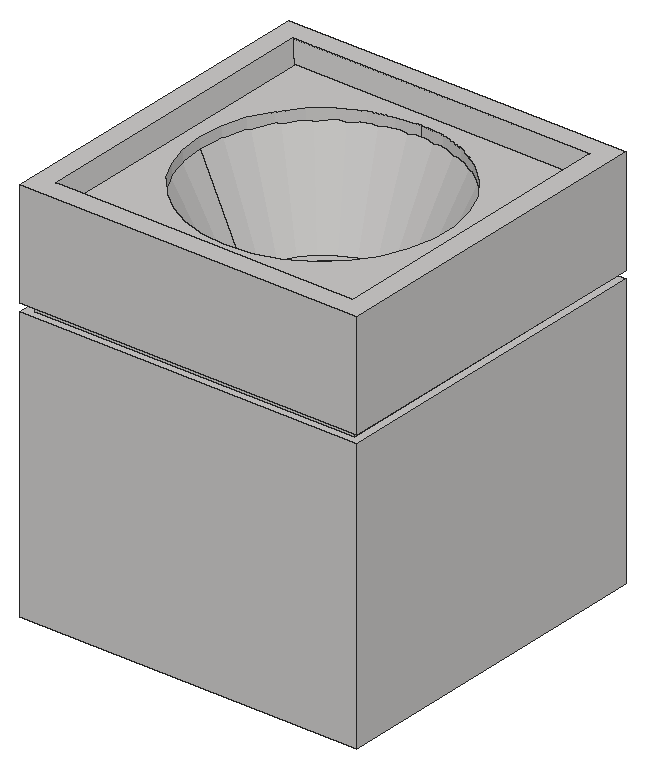
Revit family "Lighting-Luminii-Leto_44_Mini_Wet_S", category Lighting Fixtures, host Face, Revit 2023
Family settings
  Host = Face
  Round Connector Dimension = Use Diameter
  Part Type = Normal
  OmniClass Number = 23.80.70.11.14.21
  OmniClass Title = Spots and Tracklight Specialties
  Cut with Voids When Loaded = No
  Light Source = Yes
  Maintain Annotation Orientation = No
  Shared = Yes
  Room Calculation Point = No
Parameters (values of type "Small")
  Width = 2.50"  # constant formula
  Wattage Comments = "13.6W"
  Wattage = 13.6364 W
  Warranty URL = "https://www.luminii.com/terms-conditions/"
  built-in parameter 1150110 = 1 (stored number, unit not read)
  Voltage Comments = "120V | 277V | 347V"  # constant formula
  Voltage = 120 V
  Version = "2020 - v1.0a"  # constant formula
  URL = "https://www.luminii.com/"
  built-in parameter 1114217 = 1 (stored number, unit not read)
  Tilt Angle = -90.00°  # constant formula
  built-in parameter 1150109 = 1 (stored number, unit not read)
  built-in parameter 1150134 = (empty or 0)
  built-in parameter 1150113 = 1 (stored number, unit not read)
  Support Phone = "224-699-9545"  # constant formula
  Support Email = "mailto:support@bimsmith.com"
  Product Page URL = "https://www.luminii.com/product/leto-44-mini-s/"
  Power Source Type = "Driver"  # constant formula
  Power Factor = 1
  Photometric Web File = "LET44MW-XX-L-10-35K-F20-NA.ies"
  Phase = 1
  Operating Temperature = "Consult Manufacturer Website for more Information"  # constant formula
  Number of Poles = if(and(or(Voltage = 120 V, Voltage = 277 V), Phase = 1), 1, if(and(or(Voltage = 208 V, Voltage = 240 V), Phase = 1), 2, if(and(or(Voltage = 208 V, Voltage = 240 V), Phase = 3), 3, if(and(Voltage > 300 V, Phase = 1), 2, if(and(Voltage > 400 V, Phase = 3), 3, 1)))))  # 1
  Mounting Method = "Surface Mounted"  # constant formula
  Model = if(Constraints = 1, "657-S", if(Constraints = 2, "657-M", if(Constraints = 3, "657-L", "N/A")))  # "657-S"
  Manufacturer Phone Number = "403-216-7043"  # constant formula
  Manufacturer Email = "mailto: info@sensolighting.com"
  Manufacturer Address = "302 50 Ave SE. Calgary, Alberta, T2G 2A9 Canada"  # constant formula
  Manufacturer = "Luminii"  # constant formula
  built-in parameter 1150105 = 119.37 (stored number, unit not read)
  Lumens = 1500 lm
  Luminaire Type = "Surface LED Light"  # constant formula
  built-in parameter 1150115 = 1 (stored number, unit not read)
  Load Classification = Lighting
  built-in parameter 1150137 = (empty or 0)
  built-in parameter 1150139 = (empty or 0)
  Lens Material = Plastic - Luminii - Frosted Lens
  Length [instance] = if(Constraints = 1, 2.87402", if(Constraints = 2, 8.2874", if(Constraints = 3, 13.62205", 2.87402")))  # 2.87402"
  built-in parameter 1150112 = 1 (stored number, unit not read)
  built-in parameter 1150114 = 1 (stored number, unit not read)
  Lamp Life = 1
  Lamp = "LED"  # constant formula
  Keynote = "26 50 00"
  built-in parameter 1150132 = 2
  built-in parameter 1150102 = (empty or 0)
  built-in parameter 1150107 = 3500 (stored number, unit not read)
  Initial Color Comments = "Perfomance based on 3500K Photometric Web File"  # constant formula
  built-in parameter 1150138 = (empty or 0)
  built-in parameter 1150106 = 1.1937 (stored number, unit not read)
  Housing Protection Rating = "Consult Manufacturer Website for more Information"  # constant formula
  Has Dimming = 1 = 1  # yes
  Has Battery Backup = 0 = 1  # no
  Frequency Comments = ""  # constant formula
  Frequency = 60 Hz
  Finish = Metal - Luminii - Silver Anodized Aluminum
  Environment = "Indoor"  # constant formula
  built-in parameter 1150104 = 10.219 (stored number, unit not read)
  Dimming Type = "Consult Manufacturer Website for more Information"  # constant formula
  Dimming Lamp Color Temperature Shift = <None>
  Description = "Surface Mount LED Downlight"  # constant formula
  Depth = 2.50"  # constant formula
  Default Elevation = 0.00"  # constant formula
  Current Amps = 50 A
  Copyright = "©2023 Luminii"  # constant formula
  Control Zone = "Consult Manufacturer Website for more Information"  # constant formula
  Control Type = "Consult Manufacturer Website for more Information"  # constant formula
  Constraints = 1
  Color Filter = 16777215
  built-in parameter 1114216 [instance] = 0  # (empty or 0)
  built-in parameter 1140040 [instance] = 1 = 1  # 1
  CCT = "3500K"
  built-in parameter 1114218 = 1 (stored number, unit not read)
  built-in parameter 1150133 = 10 (stored number, unit not read)
  Assembly Code = "D5020230"
  Apparent Load = Wattage / Power Factor  # 13.6364 VA
Types (3): name | Model | Length | Constraints
  Large | "657-L" | 13.62205" | 3
  Medium | "657-M" | 8.2874" | 2
  Small | "657-S" | 2.87402" | 1
Reference planes (in)
  plane 1 "Center (Front/Back)": y = 0
  plane 2: z = 0
  plane 3 "Center (Left/Right)": x = 0
  plane 4: x = -1.25
  plane 5: x = 1.25
  plane 6: y = 1.25
  plane 7: y = -1.25
  plane 8: z = 2.87402
Forms (in)
  Extrusion 1, solid, material "Metal - Luminii - Silver Anodized Aluminum", not visible
    sketch origin (0, 0, 0) x (1, 0, 0) y (0, 1, 0)
      loop
        circle (0, 0) r 0.5
    from 0 to -0.17225
Dimensions and locks (in)
  equal spacing: plane 4, plane 3 "Center (Left/Right)", plane 5
  equal spacing: plane 6, plane 1 "Center (Front/Back)", plane 7
  "Depth": plane 6 to plane 7
  "Width": plane 4 to plane 5
  "Length": plane 8 to host face
  locked: plane 8 to imposter light at 0.93713
  aligned and locked: plane 2 to host face
  aligned and locked: plane 3 "Center (Left/Right)" to Extrusion 1 sketch curve
  aligned and locked: plane 1 "Center (Front/Back)" to Extrusion 1 sketch curve
  aligned and locked: plane 2 to Extrusion 1  (x2)
  aligned and locked: imposter light to plane 3 "Center (Left/Right)"
  aligned and locked: plane 3 "Center (Left/Right)" to nested 1
  aligned and locked: plane 1 "Center (Front/Back)" to nested 1
Automatic sketch dimensions
  host sketch curve to host sketch curve = 96.00"  (x2)
  radius of Extrusion 1 sketch curve = 0.50"
Nested families (in)
  nested 1: "Nested - Lamp" at (0, 0, 0), type "Nested - Lamp"
    with Height 2.87402", Constraint 1
Connectors (in)
  electrical at (0, 0, 0), driven by "Number of Poles", driven by "Load Classification", driven by "Voltage", driven by "Apparent Load", driven by "Power Factor"
    settings: on Extrusion 1, index 1, voltage 120 V, apparent load 13.6364 VA, apparent load phase1 0 VA, apparent load phase2 0 VA, apparent load phase3 0 VA, power factor 1, load classification "Lighting", number of poles 1, system type 30, power factor state 1, is connector primary yes, connector utility no, sub classification motor no, connector description "Power Connection"
Definition of nested family "Nested - Lamp"
  Parameters (values of type "Nested - Lamp")
    Screen Material = none
    Inner Screen = none
    Height = if(Constraint = 1, 2.87402", if(Constraint = 2, 8.2874", if(Constraint = 3, 13.62205", 2.87402")))  # 13.62205"
    Finish = none
    Default Elevation = 48.00"
    Constraint = 3
  Reference planes (in)
    plane 1 "Center (Front/Back)": y = 0
    plane 2: z = 0
    plane 3 "Center (Left/Right)": x = 0
    plane 4: y = 1.25
    plane 5: y = -1.25
    plane 6: x = -1.25
    plane 7: x = 1.25
    plane 8: z = 13.62205
  Forms (in)
    Extrusion 1, solid
      sketch origin (0, 0, 0) x (1, 0, 0) y (0, 1, 0)
        loop
          line (-48, 48) -> (-48, -48) -> (48, -48) -> (48, 48) -> (-48, 48)
      from 0 to -12
    Sweep 2, solid, material <- "Finish"
      path origin (-0.03362, 1.25, 13.62205) x (0, 1, 0) y (-1, 0, 0)
        loop
          line (0, -1.28362) -> (0, 1.21638) -> (-2.5, 1.21638) -> (-2.5, -1.28362) -> (0, -1.28362)
      profile origin (1.25, 0, 13.62205) x (1, 0, 0) y (0, 0, 1)
        loop
          line (-0.23866, -0.10827) -> (-0.27803, -0.10827) -> (-0.27803, -0.98831) -> (0, -0.98831) -> (0, -0.84646) -> (-0.05906, -0.84646) -> (-0.05906, -0.7874) -> (0, -0.7874) -> (0, 0) -> (-0.14718, 0) -> (-0.18209, -0.24836) -> (-0.22146, -0.24836) -> (-0.23866, -0.10827)
    Revolve 3, solid
      sketch origin (-0.49058, 0, 12.63373) x (1, 0, 0) y (0, 0, 1)
        loop
          line (0.98116, -0.01969) -> (1.02442, 0.05524) -> (1.09056, 0.05524) -> (1.40417, 0.72777) -> (1.40417, 0.8023) -> (1.07049, 0.08674) -> (1.00624, 0.08674) -> (0.96298, 0.01181) -> (0.49058, 0.01181) -> (0.49058, -0.01969) -> (0.98116, -0.01969)
        axis (0.49058, 0.8023) -> (0.49058, -0.01969)
      angle from 0 to 360
    Extrusion 4, solid, material <- "Screen Material"
      sketch origin (0, 0, 12.64555) x (1, 0, 0) y (0, 1, 0)
        loop
          circle (0, 0) r 0.27714
      from 0 to 0.01969
    Extrusion 5, solid, material <- "Finish"
      sketch origin (-0.03362, 1.25, 13.62205) x (0, 1, 0) y (-1, 0, 0)
        loop
          line (0, 1.21638) -> (-2.5, 1.21638) -> (-2.5, -1.28362) -> (0, -1.28362) -> (0, 1.21638)
        loop
          line (-2.44094, 1.15732) -> (-2.44094, -1.22457) -> (-0.05906, -1.22457) -> (-0.05906, 1.15732) -> (-2.44094, 1.15732)
      from -13.62205 to -0.98831
    Extrusion 6, solid, material <- "Finish"
      sketch origin (0.97197, 0.97197, 13.51378) x (0, -1, 0) y (1, 0, 0)
        loop
          line (1.94394, -1.94394) -> (1.94394, 0) -> (0, 0) -> (0, -1.94394) -> (1.94394, -1.94394)
        loop
          circle (0.97197, -0.97197) r 0.91358
      from 0 to -0.7874
    Extrusion 7, solid, material <- "Finish", detail levels medium+fine
      sketch origin (-0.03362, 1.25, 8.28705) x (0, 1, 0) y (-1, 0, 0)
        loop
          circle (-1.25, -0.03362) r 0.21759
        loop
          line (-2.44094, -1.22457) -> (-0.05906, -1.22457) -> (-0.05906, 1.15732) -> (-2.44094, 1.15732) -> (-2.44094, -1.22457)
      from -8.24374 to -8.16929
    Extrusion 8, solid, material <- "Finish", detail levels coarse
      sketch origin (-0.03362, 1.25, 8.28705) x (0, 1, 0) y (-1, 0, 0)
        loop
          line (-2.44094, -1.22457) -> (-0.05906, -1.22457) -> (-0.05906, 1.15732) -> (-2.44094, 1.15732) -> (-2.44094, -1.22457)
      from -8.24374 to -8.16929
  Cuts and joins
    joined: Sweep 2, Extrusion 5, Extrusion 6
  Lines and regions (in)
    reference lines
      curve 1: line (-0.49058, 0, 12.63373) -> (1.84174, 0, 12.63373)
  Dimensions and locks (in)
    locked: curve 1 to plane 8 at 0.98831
    "Height": plane 8 to Extrusion 1
    Extrusion 8 to Extrusion 8 to Extrusion 1 = 0.07445" locked, 0.04331" locked
    aligned and locked: plane 2 to Extrusion 1
    aligned and locked: level to Extrusion 1
    aligned and locked: Sweep 2 sketch curve to plane 7
    aligned and locked: plane 6 to Sweep 2 sketch curve
    aligned and locked: Sweep 2 sketch curve to plane 4
    aligned and locked: plane 5 to Sweep 2 sketch curve
    aligned and locked: Extrusion 5 sketch curve to plane 4
    aligned and locked: plane 6 to Extrusion 5 sketch curve
    aligned and locked: Extrusion 5 sketch curve to plane 7
    aligned and locked: plane 5 to Extrusion 5 sketch curve
    aligned and locked: Extrusion 5 to level
    aligned and locked: Extrusion 5 to curve 1
    aligned and locked: Extrusion 7 to Extrusion 8  (x2)
  Automatic sketch dimensions
    Extrusion 1 sketch curve to Extrusion 1 sketch curve = 96.00"  (x2)
    Revolve 3 sketch curve to curve 1 = 0.01181"
    curve 1 to Revolve 3 sketch curve = 0.49058"
    Revolve 3 sketch curve to Revolve 3 sketch curve = 0.4724"
    Revolve 3 sketch curve to Revolve 3 sketch curve = 0.01818"  (x2)
    Revolve 3 sketch curve to curve 1 = 0.08674"
    Revolve 3 sketch curve to Revolve 3 sketch curve = 0.04326"
    Revolve 3 sketch curve to Revolve 3 sketch curve = 0.04607"
    Revolve 3 sketch curve to curve 1 = 0.05524"
    Revolve 3 sketch curve to Revolve 3 sketch curve = 0.02007"
    Revolve 3 sketch curve to Revolve 3 sketch curve = 0.33367"
    curve 1 to Revolve 3 sketch curve = 0.01969"
    Revolve 3 sketch curve to Revolve 3 sketch curve = 0.64104"
    Revolve 3 sketch curve to Revolve 3 sketch curve = 0.07453"
    Revolve 3 sketch curve to Revolve 3 sketch curve = 0.00"
    Revolve 3 sketch curve to Revolve 3 sketch curve = 0.26778"
    Revolve 3 sketch curve to Revolve 3 sketch curve = 0.07011"
    curve 1 to plane 3 "Center (Left/Right)" = 0.49058"
    plane 7 to curve 1 = 0.59174"
    Extrusion 5 sketch curve to plane 5 = 0.05906"
    Extrusion 5 sketch curve to plane 4 = 0.05906"
    Extrusion 5 sketch curve to plane 7 = 0.05906"
    Extrusion 5 sketch curve to plane 6 = 0.05906"
    Sweep 2 sketch curve to plane 8 = 0.00"
    profile plane to Sweep 2 sketch curve = 0.00"  (x2)
    Sweep 2 sketch curve to Sweep 2 sketch curve = 0.05906"  (x2)
    Sweep 2 sketch curve to Sweep 2 sketch curve = 0.14718"
    profile plane to Sweep 2 sketch curve = 0.18209"
    Sweep 2 sketch curve to Sweep 2 sketch curve = 0.03937"
    Sweep 2 sketch curve to Sweep 2 sketch curve = 0.0172"
    Sweep 2 sketch curve to Sweep 2 sketch curve = 0.21897"
    Sweep 2 sketch curve to plane 8 = 0.10827"
    Sweep 2 sketch curve to Sweep 2 sketch curve = 0.14009"
    Sweep 2 sketch curve to Sweep 2 sketch curve = 0.53904"
    Sweep 2 sketch curve to Sweep 2 sketch curve = 0.14186"
    Extrusion 6 sketch curve to Sweep 2 = 0.00"  (x3)
    Sweep 2 to Extrusion 6 sketch curve = 0.00"
    Extrusion 6 sketch curve to Sweep 2 = 0.97197"  (x2)
    plane 1 "Center (Front/Back)" to Extrusion 7 sketch curve = 0.00"
    Extrusion 7 sketch curve to plane 3 "Center (Left/Right)" = 0.00"
    Extrusion 7 sketch curve to plane 5 = 0.05906"
    Extrusion 7 sketch curve to plane 4 = 0.05906"
    Extrusion 7 sketch curve to plane 7 = 0.05906"
    Extrusion 7 sketch curve to plane 6 = 0.05906"
    Extrusion 8 sketch curve to plane 5 = 0.05906"
    Extrusion 8 sketch curve to plane 4 = 0.05906"
    Extrusion 8 sketch curve to plane 7 = 0.05906"
    Extrusion 8 sketch curve to plane 6 = 0.05906"
    radius of Extrusion 4 sketch curve to Revolve 3 = 0.19526"
    radius of Extrusion 6 sketch curve = 0.91358"
    radius of Extrusion 7 sketch curve = 0.21759"
